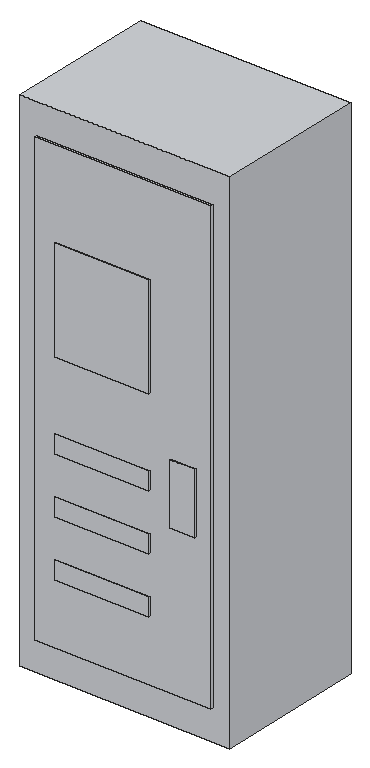
Revit family "GIS_AuxiliaryPanelAC", category Equipamento elétrico, Revit 2027
Family settings
  Configuração do painel = Duas colunas, circuitos transversais
  Cota do conector redondo = Utilizar diâmetro
  Tipo de parte = Painel de controle
  Com base no plano de trabalho = Não
  Sempre na vertical = Sim
  Corte com vazios quando carregada = Não
  Manter orientação da anotação = Não
  Compartilhado = Não
  Ponto de cálculo do ambiente = Não
Parameters (values of type "AUX_PANEL_380VAC_STUDY")
  Default Elevation = 0 mm
  built-in parameter 1140142 [instance] = (empty or 0)
  built-in parameter 1140140 [instance] = 1 (stored number, unit not read)
  BIM_TensaoSecundaria_kV = 0
  BIM_TensaoNominal_kV = 0.38
  BIM_TensaoClasse_kV = 0.38
  BIM_TensaoClasseSecundaria_kV = 0
  BIM_Sistema_Elemento [instance] = ""
  BIM_ReferenciaCatalogo = "Portfolio study assumption: 380 V AC; utility and load schedule pending"
  BIM_Profundidade = 650 mm
  BIM_Potencia_MVA = 0
  BIM_Localizacao [instance] = ""
  BIM_Largura = 900 mm
  BIM_Impedancia_pu = 0
  BIM_FonteGeometria = "Portfolio study assumption: 380 V AC; utility and load schedule pending"
  BIM_Fabricante = "NAO SELECIONADO"
  BIM_EstadoGeometria = "ESTIMATED"
  BIM_EstadoEspecificacao = "PREMISSA / NAO SELECIONADO"
  BIM_DescricaoEstudo = "Quadro de servicos auxiliares CA conceitual; 380 V e premissa nao aprovada."
  BIM_CorrenteReferenciaSecundaria_A = 0
  BIM_CorrenteNominal_A = 0
  BIM_Bay [instance] = ""
  BIM_AlturaCorpoPrincipal = 2200 mm
  BIM_Altura = 2200 mm
  built-in parameter 1155100 [instance] = (empty or 0)
Reference planes
  plane 1 "Centro (Frente/Trás)": y = 0
  plane 2: z = 0
  plane 3 "Centro (Esquerda/Direita)": x = 0
  plane 4 "BIM Left": x = -450
  plane 5 "BIM Right": x = 450
  plane 6 "BIM Front": y = -325
  plane 7 "BIM Back": y = 325
Forms (mm)
  Extrusion 1, solid
    sketch origin (0, 0, 0) x (1, 0, 0) y (0, 1, 0)
      loop
        line (-450, -325) -> (450, -325) -> (450, 325) -> (-450, 325) -> (-450, -325)
    from 0 to 2200 <- "BIM_AlturaCorpoPrincipal"
  Extrusion 2, solid
    sketch origin (0, 0, 132) x (1, 0, 0) y (0, 1, 0)
      loop
        line (-378, -337.192) -> (378, -337.192) -> (378, -325) -> (-378, -325) -> (-378, -337.192)
    from 0 to 1936
  Extrusion 3, solid
    sketch origin (0, 0, 1254) x (1, 0, 0) y (0, 1, 0)
      loop
        line (-288, -343.288) -> (117, -343.288) -> (117, -325) -> (-288, -325) -> (-288, -343.288)
    from 0 to 440
  Extrusion 4, solid
    sketch origin (0, 0, 396) x (1, 0, 0) y (0, 1, 0)
      loop
        line (-288, -341.764) -> (117, -341.764) -> (117, -325) -> (-288, -325) -> (-288, -341.764)
    from 0 to 77
  Extrusion 5, solid
    sketch origin (0, 0, 638) x (1, 0, 0) y (0, 1, 0)
      loop
        line (-288, -341.764) -> (117, -341.764) -> (117, -325) -> (-288, -325) -> (-288, -341.764)
    from 0 to 77
  Extrusion 6, solid
    sketch origin (0, 0, 880) x (1, 0, 0) y (0, 1, 0)
      loop
        line (-288, -341.764) -> (117, -341.764) -> (117, -325) -> (-288, -325) -> (-288, -341.764)
    from 0 to 77
  Extrusion 7, solid
    sketch origin (0, 0, 770) x (1, 0, 0) y (0, 1, 0)
      loop
        line (207, -341.764) -> (315, -341.764) -> (315, -325) -> (207, -325) -> (207, -341.764)
    from 0 to 264
Dimensions and locks
  "BIM_Largura": plane 4 "BIM Left" to plane 5 "BIM Right"
  "BIM_Profundidade": plane 6 "BIM Front" to plane 7 "BIM Back"
  aligned and locked: level to plane 2
  aligned and locked: plane 4 "BIM Left" to Extrusion 1
  aligned and locked: Extrusion 1 to plane 5 "BIM Right"
  aligned and locked: Extrusion 1 to plane 6 "BIM Front"
  aligned and locked: plane 7 "BIM Back" to Extrusion 1
Automatic sketch dimensions
  Extrusion 1 sketch curve to plane 4 "BIM Left" = 0 mm
  Extrusion 1 sketch curve to plane 5 "BIM Right" = 0 mm
  Extrusion 1 sketch curve to plane 6 "BIM Front" = 0 mm
  Extrusion 1 sketch curve to plane 7 "BIM Back" = 0 mm
  Extrusion 2 sketch curve to plane 6 "BIM Front" = 0 mm
  Extrusion 2 sketch curve to plane 6 "BIM Front" = 12.192 mm
  Extrusion 2 sketch curve to plane 4 "BIM Left" = 72 mm
  plane 5 "BIM Right" to Extrusion 2 sketch curve = 72 mm
  Extrusion 3 sketch curve to plane 6 "BIM Front" = 0 mm
  Extrusion 3 sketch curve to plane 6 "BIM Front" = 18.288 mm
  Extrusion 3 sketch curve to plane 4 "BIM Left" = 162 mm
  plane 3 "Centro (Esquerda/Direita)" to Extrusion 3 sketch curve = 117 mm
  Extrusion 4 sketch curve to plane 6 "BIM Front" = 0 mm
  Extrusion 4 sketch curve to plane 6 "BIM Front" = 16.764 mm
  Extrusion 4 sketch curve to plane 4 "BIM Left" = 162 mm
  plane 3 "Centro (Esquerda/Direita)" to Extrusion 4 sketch curve = 117 mm
  Extrusion 5 sketch curve to plane 6 "BIM Front" = 0 mm
  Extrusion 5 sketch curve to plane 6 "BIM Front" = 16.764 mm
  Extrusion 5 sketch curve to plane 4 "BIM Left" = 162 mm
  plane 3 "Centro (Esquerda/Direita)" to Extrusion 5 sketch curve = 117 mm
  Extrusion 6 sketch curve to plane 6 "BIM Front" = 0 mm
  Extrusion 6 sketch curve to plane 6 "BIM Front" = 16.764 mm
  Extrusion 6 sketch curve to plane 4 "BIM Left" = 162 mm
  plane 3 "Centro (Esquerda/Direita)" to Extrusion 6 sketch curve = 117 mm
  Extrusion 7 sketch curve to plane 6 "BIM Front" = 0 mm
  Extrusion 7 sketch curve to plane 6 "BIM Front" = 16.764 mm
  plane 3 "Centro (Esquerda/Direita)" to Extrusion 7 sketch curve = 207 mm
  Extrusion 7 sketch curve to Extrusion 7 sketch curve = 108 mm
Connectors
  electrical at (-450, 0, 1100)
    settings: on Extrusion 1, index 1, voltage 380 V, apparent load 0 VA, apparent load phase1 0 VA, apparent load phase2 0 VA, apparent load phase3 0 VA, power factor 1, load classification "Outro", number of poles 3, system type 6, power factor state 1, is connector primary yes, connector utility no, sub classification motor no, connector description "Interface A; study port; circuit assignment is project-specific."
  electrical at (450, 0, 1100)
    settings: on Extrusion 1, index 2, voltage 380 V, apparent load 0 VA, apparent load phase1 0 VA, apparent load phase2 0 VA, apparent load phase3 0 VA, power factor 1, load classification "Outro", number of poles 3, system type 6, power factor state 1, is connector primary no, connector utility no, sub classification motor no, connector description "Interface B; study port; circuit assignment is project-specific."
